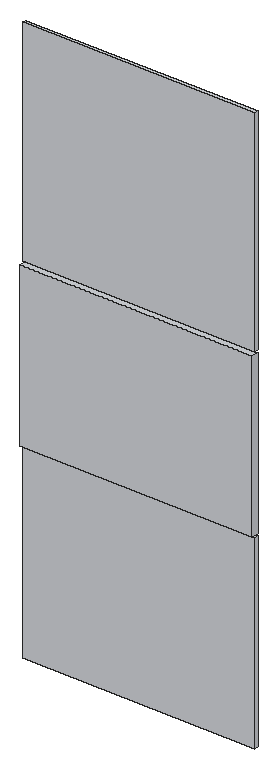
Revit family "EXP_WT-1A_CPan-004", category Curtain Panels, Revit 2021
Family settings
  OmniClass Number = 23.25.20.14.11.11.17
  OmniClass Title = Infill Panels
  Always vertical = Yes
  Cut with Voids When Loaded = No
  Shared = No
Parameters (values of type "H2 = 4'  6 1/2"")
  UI-UnitNumber [instance] = "01"
  UI-Quadrant [instance] = "SE"
  UI-ProjectAbbreviation = "NEU"
  UI-ItemCategory = "PID"
  UI-FloorNumber [instance] = "03"
  PNT-WallType = "WT1A"
  PNT-ProjectAbbreviation = "NEU"
  PNT-PanelType [instance] = "01"
  PNT-ItemCategory = "PNL"
  GlassSPH3 [instance] = 0' - 1 1/8"
  GlassSPH2(x3) [instance] = 0' - 2 3/16"
  GlassSPH1 [instance] = 0' - 1 1/8"
  GlassH3 [instance] = none
  GlassH2 [instance] = none
  GlassH1 [instance] = none
  Define Thermal Properties by = Schematic Type
  CellSp = 0' - 10 3/16"
  CellL [instance] = 6' - 10"
  CellH3 [instance] = CellH - (CellH1 + CellH2)  # 5' - 4 1/2"
  CellH2 = 4' - 6 1/2"
  CellH1 = 6' - 0 1/2"
  CellH [instance] = 15' - 11 1/2"
  CellAngle = 45.00°
  Analytic Construction = "<None>"
Reference planes (in)
  plane 1 "Center (Front/Back)": y = 0
  plane 2: z = 0
  plane 3 "Center (Left/Right)": x = 0
  plane 4 "Left": x = -41
  plane 5 "Right": x = 41
  plane 6 "Top": z = 191.5
  plane 7: z = 119
  plane 8: y = -10.1875
  plane 9: z = 64.5
Forms (in)
  Extrusion 1, solid, material <- "GlassH3", detail levels coarse+medium
    sketch origin (0, 0, 0) x (1, 0, 0) y (0, 1, 0)
      loop
        line (41, 0) -> (-41, 0) -> (-30.8125, -10.1875) -> (41, -10.1875) -> (41, 0)
    from 0 to 64.5
  Extrusion 2, solid, material <- "GlassH2", detail levels coarse+medium
    sketch origin (0, 0, 0) x (1, 0, 0) y (0, 1, 0)
      loop
        line (41, 0) -> (-41, 0) -> (-30.8125, -10.1875) -> (41, -10.1875) -> (41, 0)
    from 64.5 to 119
  Extrusion 3, solid, material <- "GlassH1", detail levels coarse+medium
    sketch origin (0, 0, 0) x (1, 0, 0) y (0, 1, 0)
      loop
        line (41, 0) -> (-41, 0) -> (-30.8125, -10.1875) -> (41, -10.1875) -> (41, 0)
    from 119 to 191.5
Lines and regions (in)
  reference lines
    curve 1: line (-41, 0, 0) -> (4.25483, -45.25483, 0)
Text (in)
  text "Exterior" at (-92.59733, 55.75508, 0), in view "Ref. Level"
  text "Exterior" at (0, 90.18664, 173.49264), in view "Left"
  text "Exterior" at (0, 52.29083, 162.21847), in view "Right"
Dimensions and locks (in)
  equal spacing: plane 4 "Left", plane 3 "Center (Left/Right)", plane 5 "Right"  (x2)
  "CellH1": plane 7 to plane 6 "Top"
  "CellH2": plane 9 to plane 7
  "CellH": plane 2 to plane 6 "Top"
  "CellSp": plane 8 to plane 1 "Center (Front/Back)"
  "CellL": plane 4 "Left" to plane 5 "Right"
  "CellH3": plane 2 to plane 9
  "CellAngle": angle curve 1 to plane 1 "Center (Front/Back)"
  aligned and locked: level to plane 2
  aligned and locked: Extrusion 1 sketch curve to plane 1 "Center (Front/Back)"
  aligned and locked: Extrusion 1 sketch curve to plane 8
  aligned and locked: Extrusion 1 sketch curve to plane 5 "Right"
  aligned and locked: Extrusion 1 sketch curve to curve 1
  aligned and locked: plane 9 to Extrusion 1
  aligned and locked: Extrusion 1 to plane 2
  aligned and locked: Extrusion 2 sketch curve to plane 1 "Center (Front/Back)"
  aligned and locked: Extrusion 2 sketch curve to plane 8
  aligned and locked: Extrusion 2 sketch curve to plane 5 "Right"
  aligned and locked: Extrusion 2 sketch curve to curve 1
  aligned and locked: plane 7 to Extrusion 2
  aligned and locked: Extrusion 2 to plane 9
  aligned and locked: Extrusion 3 sketch curve to plane 1 "Center (Front/Back)"
  aligned and locked: Extrusion 3 sketch curve to plane 8
  aligned and locked: Extrusion 3 sketch curve to plane 5 "Right"
  aligned and locked: Extrusion 3 sketch curve to curve 1
  aligned and locked: Extrusion 3 to plane 6 "Top"
  aligned and locked: Extrusion 3 to plane 7
  aligned and locked: nested 1 to plane 4 "Left"
  aligned and locked: nested 1 to plane 5 "Right"
  aligned and locked: nested 2 to Extrusion 3
  aligned and locked: nested 2 to level
  aligned and locked: plane 6 "Top" to nested 2
  aligned and locked: plane 1 "Center (Front/Back)" to nested 3
  aligned and locked: plane 2 to Extrusion 1
  aligned and locked: nested 3 to plane 6 "Top"
  aligned and locked: plane 4 "Left" to nested 3
  aligned and locked: plane 5 "Right" to nested 3
  aligned and locked: plane 1 "Center (Front/Back)" to nested 4
  aligned and locked: nested 4 to plane 6 "Top"
  aligned and locked: plane 7 to nested 4
  aligned and locked: plane 5 "Right" to nested 4
  aligned and locked: plane 4 "Left" to nested 4
  aligned and locked: plane 1 "Center (Front/Back)" to nested 5
  aligned and locked: plane 7 to nested 5
  aligned and locked: plane 9 to nested 5
  aligned and locked: plane 5 "Right" to nested 5
  aligned and locked: plane 4 "Left" to nested 5
  aligned and locked: plane 1 "Center (Front/Back)" to nested 6
  aligned and locked: plane 9 to nested 6
  aligned and locked: plane 2 to nested 6
  aligned and locked: plane 5 "Right" to nested 6
  aligned and locked: plane 4 "Left" to nested 6
Automatic sketch dimensions
  plane 1 "Center (Front/Back)" to curve 1 = 0' - 0"
  curve 1 to plane 4 "Left" = 0' - 0"
Nested families (in)
  nested 1: "EXP_WT-1A_DetO-002" at (-41, 0, 0), CellAngle <- "CellAngle", type "EXP_WT-1A_DetO-002"
    with built-in parameter 1001306 6.8333 (stored number, unit not read), CellAngle 45.00°
  nested 2: "EXP_WT-1A_DetO-004" at (0, 0, 191.5) x (0, 0, -1) z (1, 0, 0), CellH1 <- "CellH1", CellH2 <- "CellH2", type "EXP_WT-1A_DetO-004"
    with built-in parameter 1001306 15.958 (stored number, unit not read), CellH2 4' - 6 1/2", CellH1 6' - 0 1/2", CellH 15' - 11 1/2"
  nested 3: "EXP_xx_DetO-002" at (0, 0, 0), CellH <- "CellH", CellL <- "CellL", type "EXP_xx_DetO-002", detail levels coarse
    with CellL 6' - 10", CellH 15' - 11 1/2"
  nested 4: "EXP_WT-1x_IG-003" at (0, 0, 155.25), MaterialGlass <- "GlassH1", GlassSP <- "GlassSPH1", type "A = 90_GlassSP = H1", detail levels fine
    with MaterialGlass none, GlassSP 0' - 1 1/8", GlassL 6' - 4.87402", GlassH 5' - 10 13/16", CellL 6' - 10", CellH 6' - 0 1/2"
  nested 5: "EXP_WT-1x_IG-003" at (0, 0, 91.75), MaterialGlass <- "GlassH2", GlassSP <- "GlassSPH2(x3)", type "A = 90_GlassSP = H2(x3)", detail levels fine
    with MaterialGlass none, GlassSP 0' - 2 3/16", GlassL 6' - 4.87402", GlassH 4' - 5 3/4", CellL 6' - 10", CellH 4' - 6 1/2"
  nested 6: "EXP_WT-1x_IG-003" at (0, 0, 32.25), MaterialGlass <- "GlassH3", GlassSP <- "GlassSPH3", type "A = 90_ GlassSP = H3", detail levels fine
    with MaterialGlass none, GlassSP 0' - 1 1/8", GlassL 6' - 4.87402", GlassH 5' - 2.56299", CellL 6' - 10", CellH 5' - 4 1/2"
Definition of nested family "EXP_WT-1x_IG-003"
  Parameters (values of type "A = 90_H2(x2) _ GlassSP = 2 1/8"")
    MaterialGlass [instance] = none
    GlassSP [instance] = 0' - 2.12598"
    GlassL [instance] = CellL - (GlassD1 + GlassD3)  # 3' - 7.69291"
    GlassH [instance] = CellH - (GlassD2 + GlassD4)  # 6' - 6.64788"
    GlassD4 = 0' - 1.43701"
    GlassD3 = 0' - 0.93701"
    GlassD2 = 0' - 0 1/2"
    GlassD1 = 0' - 4.18898"
    GMPI-ProjectAbbreviation = "NEU"
    GMPI-IteamCategory = "GLS"
    Default Elevation = 0' - 0"
    CellL [instance] = 4' - 0.8189"
    CellH [instance] = 6' - 8.58489"
  Types (20): name | GlassSP | GlassL | GlassH | GlassD4 | GlassD2 | GlassD1
    A = 90_H2(x2) _ GlassSP = 2 1/8" | 0' - 2.12598" | 3' - 7.69291" | 6' - 6.64788" | 0' - 1.43701" | 0' - 0 1/2" | 0' - 4.18898"
    A = 90_H1 _ GlassSP = 1 1/4" | 0' - 1 1/4" | 3' - 7.69291" | 6' - 6.89739" | 0' - 0 1/4" | 0' - 1 7/16" | 0' - 4.18898"
    A = 90_H2(x3) _ GlassSP = 2 1/8" | 0' - 2.12598" | 3' - 7.69291" | 6' - 7.83489" | 0' - 0 1/4" | 0' - 0 1/2" | 0' - 4.18898"
    A = 90_H3 _ GlassSP = 1 1/4" | 0' - 1 1/4" | 3' - 7.69291" | 6' - 6.64788" | 0' - 1.43701" | 0' - 0 1/2" | 0' - 4.18898"
    A = 90_H _ GlassSP = 1 1/4" | 0' - 1 1/4" | 3' - 7.69291" | 6' - 5.71088" | 0' - 1.43701" | 0' - 1.43701" | 0' - 4.18898"
    A = 78_H _ GlassSP = 1 1/4" | 0' - 1 1/4" | 3' - 6.75591" | 6' - 5.71088" | 0' - 1.43701" | 0' - 1.43701" | 0' - 5.12598"
    A = 78_H1 _ GlassSP = 1 1/4" | 0' - 1 1/4" | 3' - 6.75591" | 6' - 6.89739" | 0' - 0 1/4" | 0' - 1 7/16" | 0' - 5.12598"
    A = 78_H2(x2) _ GlassSP = 2 1/8" | 0' - 2.12598" | 3' - 6.75591" | 6' - 6.64788" | 0' - 1.43701" | 0' - 0 1/2" | 0' - 5.12598"
    A = 78_H2(x3) _ GlassSP = 2 1/8" | 0' - 2.12598" | 3' - 6.75591" | 6' - 7.83489" | 0' - 0 1/4" | 0' - 0 1/2" | 0' - 5.12598"
    A = 78_H3 _ GlassSP = 1 1/4" | 0' - 1 1/4" | 3' - 6.75591" | 6' - 6.64788" | 0' - 1.43701" | 0' - 0 1/2" | 0' - 5.12598"
    A = 90_GlassSP = H | 0' - 1 1/4" | 3' - 7.69291" | 6' - 5.71088" | 0' - 1.43701" | 0' - 1.43701" | 0' - 4.18898"
    A = 90_ GlassSP = H3 | 0' - 1 1/4" | 3' - 7.69291" | 6' - 6.64788" | 0' - 1.43701" | 0' - 0 1/2" | 0' - 4.18898"
    A = 90_GlassSP = H2(x3) | 0' - 2.12598" | 3' - 7.69291" | 6' - 7.83489" | 0' - 0 1/4" | 0' - 0 1/2" | 0' - 4.18898"
    A = 90_GlassSP = H2(x2) | 0' - 2.12598" | 3' - 7.69291" | 6' - 6.64788" | 0' - 1.43701" | 0' - 0 1/2" | 0' - 4.18898"
    A = 90_GlassSP = H1 | 0' - 1 1/4" | 3' - 7.69291" | 6' - 6.89739" | 0' - 0 1/4" | 0' - 1 7/16" | 0' - 4.18898"
    A = 78_GlassSP = H | 0' - 1 1/4" | 3' - 6.75591" | 6' - 5.71088" | 0' - 1.43701" | 0' - 1.43701" | 0' - 5.12598"
    A = 78_ GlassSP = H3 | 0' - 1 1/4" | 3' - 6.75591" | 6' - 6.64788" | 0' - 1.43701" | 0' - 0 1/2" | 0' - 5.12598"
    A = 78_ GlassSP = H2(x3) | 0' - 2.12598" | 3' - 6.75591" | 6' - 7.83489" | 0' - 0 1/4" | 0' - 0 1/2" | 0' - 5.12598"
    A = 78_GlassSP = H2(x2) | 0' - 2.12598" | 3' - 6.75591" | 6' - 6.64788" | 0' - 1.43701" | 0' - 0 1/2" | 0' - 5.12598"
    A = 78_GlassSP = H1 | 0' - 1 1/4" | 3' - 6.75591" | 6' - 6.89739" | 0' - 0 1/4" | 0' - 1 7/16" | 0' - 5.12598"
  Reference planes (in)
    plane 1 "Center (Front/Back)": y = 0
    plane 2: z = 0
    plane 3 "Center (Left/Right)": x = 0
    plane 4: x = -24.40945
    plane 5: x = 24.40945
    plane 6: z = 40.29245
    plane 7: x = -20.22047
    plane 8: x = 23.47244
    plane 9: z = -40.29245
    plane 10: z = 39.79245
    plane 11: z = -38.85544
  Forms (in)
    Extrusion 1, solid, material <- "MaterialGlass"
      sketch origin (0, 0, 0) x (1, 0, 0) y (0, 0, 1)
        loop
          line (-20.22047, -38.85544) -> (23.47244, -38.85544) -> (23.47244, 39.79245) -> (-20.22047, 39.79245) -> (-20.22047, -38.85544)
      from 0 to 2.12598 <- "GlassSP"
  Dimensions and locks (in)
    equal spacing: plane 6, level, plane 9
    "CellH": plane 6 to plane 9
    "GlassD2": plane 6 to plane 10
    "GlassD4": plane 11 to plane 9
    equal spacing: plane 4, plane 3 "Center (Left/Right)", plane 5
    "CellL": plane 4 to plane 5
    "GlassD1": plane 4 to plane 7
    "GlassD3": plane 5 to plane 8
    aligned and locked: level to plane 2
    aligned and locked: Extrusion 1 sketch curve to plane 11
    aligned and locked: Extrusion 1 sketch curve to plane 7
    aligned and locked: plane 10 to Extrusion 1 sketch curve
    aligned and locked: plane 8 to Extrusion 1 sketch curve
Definition of nested family "EXP_WT-1A_DetO-002"
  Parameters (values of type "EXP_WT-1A_DetO-002")
    built-in parameter 1001306 [instance] = 5' - 2.99213"
    CellAngle [instance] = 45.00°
  Reference planes (in)
    plane 1 "Center (Front/Back)": y = 0
    plane 2: z = 0
    plane 3 "Left": x = 0
    plane 4 "Right": x = 62.99213
  Lines and regions (in)
    reference lines, in view "Ref. Level"
      curve 1: line (0, 0, 0) -> (62.99213, 0, 0)
      curve 17: line (0, 0, 0) -> (16.97056, -16.97056, 0)
    detail lines, in view "Ref. Level"
      curve 2: line (-0.30429, 0, 0) -> (-0.00849, 0, 0)
      curve 3: line (-0.30429, 0, 0) -> (-0.00849, 0, 0)
      curve 4: line (62.99213, -0.81795, 0) -> (62.99213, -10.1875, 0)
      curve 5: line (62.99213, -10.1875, 0) -> (60.99213, -10.1875, 0)
      curve 6: line (60.99213, -10.1875, 0) -> (60.99213, -2.43678, 0)
      curve 7: line (60.99213, -2.43678, 0) -> (62.44632, -2.43678, 0)
      curve 8: line (62.44632, -2.43678, 0) -> (62.44632, 0, 0)
      curve 9: line (62.44632, 0, 0) -> (62.74213, 0, 0)
      curve 10: line (62.74213, 0, 0) -> (62.74213, -0.81795, 0)
      curve 11: line (62.99213, -0.81795, 0) -> (62.74213, -0.81795, 0)
      curve 12: line (-0.30429, 0, 0) -> (-0.00849, 0, 0)
      curve 13: line (2.83381, 0, 0) -> (62.04971, 0, 0)
      curve 14: line (2.83381, -1.31, 0) -> (2.83381, 0, 0)
      curve 15: line (2.83381, -1.31, 0) -> (62.04971, -1.31, 0)
      curve 16: line (62.04971, -1.31, 0) -> (62.04971, 0, 0)
      curve 18: line (2.35972, -2.35972, 0) -> (10.125, -10.1875, 0)
      curve 19: line (12.59763, -10.1875, 0) -> (10.125, -10.1875, 0)
      curve 20: line (4.3571, -1.88308, 0) -> (12.59763, -10.1875, 0)
      curve 21: line (2.8356, -1.88308, 0) -> (4.3571, -1.88308, 0)
      curve 22: line (2.35972, -2.35972, 0) -> (2.8356, -1.88308, 0)
  Dimensions and locks (in)
    "built-in parameter 1001306": plane 3 "Left" to plane 4 "Right"
    "CellAngle": angle curve 17 to plane 1 "Center (Front/Back)"
    aligned and locked: plane 1 "Center (Front/Back)" to curve 1
    aligned and locked: plane 3 "Left" to curve 1
    aligned and locked: plane 4 "Right" to curve 1
    aligned and locked: curve 4 to plane 4 "Right"
    aligned and locked: curve 12 to curve 1
    aligned and locked: curve 1 to curve 13
    aligned and locked: curve 5 to curve 19
  Automatic sketch dimensions
    plane 1 "Center (Front/Back)" to curve 9 = 0' - 0"
    curve 2 to curve 2 = 0' - 0.2958"
    curve 7 to plane 4 "Right" = 0' - 2"
    curve 9 to plane 4 "Right" = 0' - 0.5458"
    curve 10 to curve 4 = 0' - 0 1/4"
    plane 1 "Center (Front/Back)" to curve 4 = 0' - 0.81795"
    curve 7 to curve 10 = 0' - 1.61883"
    curve 16 to curve 10 = 0' - 0.69242"
    curve 16 to curve 10 = 0' - 0.49205"
    curve 3 to curve 13 = 0' - 2.8423"
    curve 14 to curve 20 = 0' - 1.52329"
    curve 19 to curve 20 = 0' - 2.47263"
    curve 14 to curve 21 = 0' - 0.00179"
    curve 22 to curve 22 = 0' - 0.47588"
    curve 22 to curve 22 = 0' - 0.47664"
    plane 1 "Center (Front/Back)" to curve 21 = 0' - 1.88308"
    plane 3 "Left" to curve 20 = 1' - 0.59763"
    plane 3 "Left" to curve 21 = 0' - 4.3571"
    curve 5 to curve 6 = 0' - 7.75072"
Definition of nested family "EXP_WT-1A_DetO-004"
  Parameters (values of type "EXP_WT-1A_DetO-004")
    built-in parameter 1001306 [instance] = 12' - 11"
    CellH2 [instance] = 5' - 8"
    CellH1 [instance] = 3' - 3"
    CellH [instance] = 12' - 11"
  Reference planes (in)
    plane 1 "Center (Front/Back)": y = 0
    plane 2: z = 0
    plane 3 "Left": x = 0
    plane 4 "Right": x = 155
    plane 5: x = 39
    plane 6: x = 107
  Lines and regions (in)
    reference lines, in view "Ref. Level"
      curve 1: line (0, 0, 0) -> (155, 0, 0)
    detail lines, in view "Ref. Level"
      curve 2: line (37.25001, -10.1875, 0) -> (37.25001, -2.41263, 0)
      curve 3: line (37.25001, -2.41263, 0) -> (40.74999, -2.41263, 0)
      curve 4: line (40.74999, -2.41263, 0) -> (40.74999, -10.1875, 0)
      curve 5: line (40.74999, -10.1875, 0) -> (37.25001, -10.1875, 0)
      curve 6: line (39.27639, -2.185, 0) -> (39.27639, 0, 0)
      curve 7: line (39.27639, 0, 0) -> (106.72361, 0, 0)
      curve 8: line (106.72361, -2.185, 0) -> (39.27639, -2.185, 0)
      curve 9: line (38.52639, -1.31, 0) -> (38.52639, 0, 0)
      curve 10: line (38.52639, 0, 0) -> (1.19241, 0, 0)
      curve 11: line (38.52639, -1.31, 0) -> (1.19241, -1.31, 0)
      curve 12: line (0, -10.1875, 0) -> (2.125, -10.1875, 0)
      curve 13: line (0, -0.81812, 0) -> (0, -10.1875, 0)
      curve 14: line (0.5, 0, 0) -> (0.5, -0.81812, 0)
      curve 15: line (0.5, 0, 0) -> (0.7958, 0, 0)
      curve 16: line (0, -0.81812, 0) -> (0.5, -0.81812, 0)
      curve 17: line (0.7958, -2.43676, 0) -> (0.7958, 0, 0)
      curve 18: line (2.125, -2.43676, 0) -> (0.7958, -2.43676, 0)
      curve 19: line (2.125, -10.1875, 0) -> (2.125, -2.43676, 0)
      curve 20: line (1.19241, -1.31, 0) -> (1.19241, 0, 0)
      curve 21: line (155, 60, 0) -> (155, -10.1875, 0)
      curve 22: line (155, -10.1875, 0) -> (151.625, -10.1875, 0)
      curve 23: line (151.625, -10.1875, 0) -> (151.625, -2.43679, 0)
      curve 24: line (151.625, -2.43679, 0) -> (154.2042, -2.43679, 0)
      curve 25: line (154.2042, -2.43679, 0) -> (154.2042, 0, 0)
      curve 26: line (154.5, 0, 0) -> (154.5, -0.81812, 0)
      curve 27: line (154.2042, 0, 0) -> (154.5, 0, 0)
      curve 28: line (155, -0.81812, 0) -> (154.5, -0.81812, 0)
      curve 29: line (155, -0.81812, 0) -> (155, -10.1875, 0)
      curve 30: line (153.80789, -1.31, 0) -> (153.80789, 0, 0)
      curve 31: line (105.25001, -10.1875, 0) -> (108.74999, -10.1875, 0)
      curve 32: line (105.25001, -2.41263, 0) -> (105.25001, -10.1875, 0)
      curve 33: line (108.74999, -10.1875, 0) -> (108.74999, -2.41263, 0)
      curve 34: line (108.74999, -2.41263, 0) -> (105.25001, -2.41263, 0)
      curve 35: line (106.72361, -2.185, 0) -> (106.72361, 0, 0)
      curve 36: line (107.47361, -1.31, 0) -> (153.80789, -1.31, 0)
      curve 37: line (107.47361, -1.31, 0) -> (107.47361, 0, 0)
      curve 38: line (153.80789, 0, 0) -> (107.47361, 0, 0)
  Dimensions and locks (in)
    "built-in parameter 1001306": plane 3 "Left" to plane 4 "Right"
    "CellH": plane 3 "Left" to plane 4 "Right"
    "CellH1": plane 3 "Left" to plane 5
    "CellH2": plane 5 to plane 6
    aligned and locked: plane 1 "Center (Front/Back)" to curve 1
    aligned and locked: plane 3 "Left" to curve 1
    aligned and locked: plane 4 "Right" to curve 1
    aligned and locked: curve 1 to curve 7
    aligned and locked: curve 10 to plane 1 "Center (Front/Back)"
    aligned and locked: curve 13 to plane 3 "Left"
    aligned and locked: curve 1 to curve 15
    aligned and locked: curve 21 to plane 4 "Right"
    aligned and locked: curve 29 to plane 4 "Right"
    aligned and locked: curve 38 to curve 7
    aligned and locked: curve 5 to curve 12
    aligned and locked: curve 5 to curve 31
    aligned and locked: curve 22 to curve 31
  Automatic sketch dimensions
    plane 5 to curve 3 = 0' - 1 3/4"
    plane 1 "Center (Front/Back)" to curve 3 = 0' - 2.41263"
    curve 5 to plane 5 = 0' - 1 3/4"
    plane 5 to curve 6 = 0' - 0.27639"
    curve 6 to curve 6 = 0' - 2.185"
    curve 9 to plane 5 = 0' - 0.47361"
    plane 1 "Center (Front/Back)" to curve 13 = 0' - 0.81812"
    plane 3 "Left" to curve 14 = 0' - 0 1/2"
    curve 14 to curve 17 = 0' - 0.2958"
    curve 17 to curve 18 = 0' - 1.3292"
    curve 18 to curve 14 = 0' - 1.61864"
    curve 14 to curve 20 = 0' - 0.69242"
    curve 20 to curve 14 = 0' - 0.49188"
    curve 21 to plane 1 "Center (Front/Back)" = 5' - 0"
    curve 24 to curve 24 = 0' - 2.5792"
    plane 1 "Center (Front/Back)" to curve 27 = 0' - 0"
    curve 25 to curve 26 = 0' - 0.2958"
    curve 28 to curve 28 = 0' - 0 1/2"
    curve 30 to curve 24 = 0' - 0.39631"
    curve 24 to curve 30 = 0' - 1.12679"
    plane 1 "Center (Front/Back)" to curve 26 = 0' - 0.81812"
    curve 32 to plane 6 = 0' - 1 3/4"
    plane 6 to curve 31 = 0' - 1 3/4"
    plane 1 "Center (Front/Back)" to curve 33 = 0' - 2.41263"
    curve 35 to plane 6 = 0' - 0.27639"
    curve 36 to curve 37 = 0' - 1.31"
    plane 6 to curve 38 = 0' - 0.47361"
    curve 21 to curve 24 = 0' - 7.75071"
Definition of nested family "EXP_xx_DetO-002"
  Parameters (values of type "EXP_xx_DetO-002")
    Default Elevation = 0' - 0"
    CellL [instance] = 5' - 4.56693"
    CellH [instance] = 5' - 2.99213"
  Reference planes (in)
    plane 1 "Center (Front/Back)": y = 0
    plane 2: z = 0
    plane 3 "Center (Left/Right)": x = 0
    plane 4: x = -32.28346
    plane 5: x = 32.28346
    plane 6: z = 62.99213
  Lines and regions (in)
    model lines
      curve 1: line (-32.28346, 0, 62.99213) -> (32.28346, 0, 0)
      curve 2: line (32.28346, 0, 62.99213) -> (-32.28346, 0, 0)
  Dimensions and locks (in)
    "CellH": plane 6 to level
    equal spacing: plane 4, plane 3 "Center (Left/Right)", plane 5
    "CellL": plane 4 to plane 5
    aligned and locked: level to plane 2
  Automatic sketch dimensions
    curve 2 to level = 0' - 0"
    plane 4 to curve 2 = 0' - 0"
    plane 4 to curve 1 = 0' - 0"
    plane 5 to curve 2 = 0' - 0"
    curve 1 to level = 0' - 0"
    plane 5 to curve 1 = 0' - 0"
    curve 2 to plane 6 = 0' - 0"
    curve 1 to plane 6 = 0' - 0"
